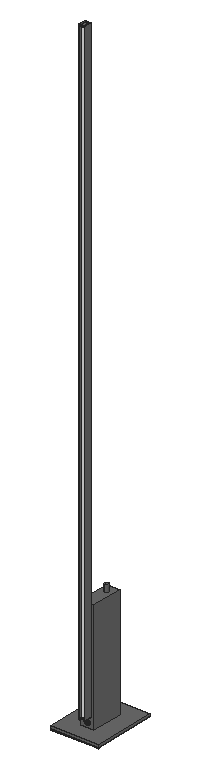
Revit family "ARKOSLIGHT_Standup", category Lighting Fixtures, Revit 2019
Family settings
  Round Connector Dimension = Use Diameter
  Part Type = Normal
  OmniClass Number = 23.80.70.00
  OmniClass Title = Lighting
  Work Plane-Based = No
  Always vertical = Yes
  Cut with Voids When Loaded = No
  Light Source = No
  Shared = No
  Room Calculation Point = No
Parameters (values of type "A4940000NT - STANDUP 2700K NT")
  URL = "https://www.arkoslight.com/en/product/standup-es/"
  Type Comments = ""
  Model = "ARKOSLIGHT_Model"  # constant formula
  Manufacturer = "ARKOSLIGHT"  # constant formula
  IES = IES : A4940000NT - STANDUP 2700K NT
  Apparent Load = ARKOSLIGHT_Apparent Load  # 27 VA
  ARKOSLIGHT_Wattage = 33.75 W
  ARKOSLIGHT_Series = "STANDUP"  # constant formula
  ARKOSLIGHT_Reference = "A4940000NT"
  ARKOSLIGHT_Model = "STANDUP"  # constant formula
  ARKOSLIGHT_Luminous flux = 4210 lm
  ARKOSLIGHT_IP = "20"
  ARKOSLIGHT_IES = "A4940000 NT STANDUP 2700K.ies"
  ARKOSLIGHT_Fixture Type = "WALL, FLOOR & PORTABLE"  # constant formula
  ARKOSLIGHT_Efficiency = "66%"
  ARKOSLIGHT_Dimming = "ON BOARD"
  ARKOSLIGHT_Color = "Textured Black"
  ARKOSLIGHT_CRI = "CRI>90"
  ARKOSLIGHT_CCT = 2700 K
  ARKOSLIGHT_Body Color = ARKOSLIGHT_Textured black
  ARKOSLIGHT_Beam Angle = 105.00°
  ARKOSLIGHT_Apparent Load = 27 VA
Types (4, lengths in mm): name | IES | ARKOSLIGHT_Reference | ARKOSLIGHT_Luminous flux | ARKOSLIGHT_IES | ARKOSLIGHT_Color | ARKOSLIGHT_CCT | ARKOSLIGHT_Body Color
  A4940000NT - STANDUP 2700K NT | IES : A4940000NT - STANDUP 2700K NT | "A4940000NT" | 4210 lm | "A4940000 NT STANDUP 2700K.ies" | "Textured Black" | 2700 K | ARKOSLIGHT_Textured black
  A4940000WT - STANDUP 2700K WT | IES : A4940000WT - STANDUP 2700K WT | "A4940000WT" | 4210 lm | "A4940000 WT STANDUP 2700K.ies" | "Textured White" | 2700 K | ARKOSLIGHT_Textured white
  A4940001NT - STANDUP 3000K NT | IES : A4940001NT - STANDUP 3000K NT | "A4940001NT" | 4320 lm | "A4940001 NT STANDUP 3000K.ies" | "Textured Black" | 3000 K | ARKOSLIGHT_Textured black
  A4940001WT - STANDUP 3000K WT | IES : A4940001WT - STANDUP 3000K WT | "A4940001WT" | 4320 lm | "A4940001 WT STANDUP 3000K.ies" | "Textured White" | 3000 K | ARKOSLIGHT_Textured white
Reference planes
  plane 1: y = 0
  plane 2: z = 0
  plane 3: x = 0
  plane 4 "Light Source Elevation": z = 1.999
  plane 5: x = 75
  plane 6: x = -75
  plane 7: y = 99.995
  plane 8: y = -99.995
  plane 9: z = 12.014
  plane 10: z = 1989.999
Forms (mm)
  Extrusion 1, solid, material "ARKOSLIGHT_Textured black" <- "ARKOSLIGHT_Body Color"
    sketch origin (0, 0, 1.999) x (0, -1, 0) y (-1, 0, 0)
      loop
        line (-99.995, 75) -> (-99.995, -75) -> (99.995, -75) -> (99.995, 75) -> (-99.995, 75)
    from 0 to -10.015
  Extrusion 2, solid, material "ARKOSLIGHT_Matt black"
    sketch origin (0, 0, 0) x (1, 0, 0) y (0, 1, 0)
      loop
        line (71.5, 97.495) -> (-71.534, 97.495)
        arc (-71.534, 97.495) -> (-72.217, 97.212) -> (-72.5, 96.529) r 0.966
        line (-72.5, 96.529) -> (-72.5, -96.495)
        arc (-72.5, -96.495) -> (-72.207, -97.202) -> (-71.5, -97.495) r 1
        line (-71.5, -97.495) -> (71.5, -97.495)
        arc (71.5, -97.495) -> (72.207, -97.202) -> (72.5, -96.495) r 1
        line (72.5, -96.495) -> (72.5, 96.495)
        arc (72.5, 96.495) -> (72.207, 97.202) -> (71.5, 97.495) r 1
    from 0 to 1.999
  Sweep 3, void
    path origin (0, 0, 1.999) x (0, -1, 0) y (1, 0, 0)
      loop
        line (-99.995, 75) -> (-99.995, -75) -> (99.995, -75) -> (99.995, 75) -> (-99.995, 75)
    profile origin (75, 0, 1.999) x (1, 0, 0) y (0, 0, 1)
      loop
        line (0, 0.8) -> (-0.88, 0) -> (0, 0) -> (0, 0.8)
  Extrusion 4, solid, material "ARKOSLIGHT_Textured black" <- "ARKOSLIGHT_Body Color"
    sketch origin (-42.823, -5000, 12.014) x (0, -1, 0) y (-1, 0, 0)
      loop
        line (-5050, -22.823) -> (-5050, -62.823) -> (-4950, -62.823) -> (-4950, -22.823) -> (-5050, -22.823)
    from 0 to -349.986
  Extrusion 5, solid, material "ARKOSLIGHT_Textured black" <- "ARKOSLIGHT_Body Color"
    sketch origin (-42.823, -5000, 362) x (0, -1, 0) y (1, 0, 0)
      loop
        circle (-5024.975, 42.823) r 6.1
    from 0 to 20.399
  Sweep 6, void
    path origin (-42.823, -5000, 382.399) x (0, -1, 0) y (1, 0, 0)
      loop
        circle (-5024.975, 42.823) r 6.1
    profile origin (6.1, 24.975, 382.399) x (-1, 0, 0) y (0, 0, 1)
      loop
        line (0, 0.227) -> (0, -0.554) -> (0.781, 0.227) -> (0, 0.227)
  Extrusion 7, solid, material "ARKOSLIGHT_Textured black" <- "ARKOSLIGHT_Body Color"
    sketch origin (-19.495, -50, 12.014) x (1, 0, 0) y (0, 0, 1)
      loop
        circle (19.495, 14.897) r 7.3
      loop
        circle (19.495, 14.897) r 3.664
    from 0 to 1.005
  Extrusion 8, void
    sketch origin (-19.495, -50, 12.014) x (1, 0, 0) y (0, 0, 1)
      loop
        circle (19.495, 14.897) r 3.664
    from 0 to -7.7
  Extrusion 9, solid, material "ARKOSLIGHT_Textured black" <- "ARKOSLIGHT_Body Color"
    sketch origin (-1.14, -5000, 1989.999) x (-1, 0, 0) y (0, -1, 0)
      loop
        line (7.86, -4928.997) -> (5.589, -4928.997) -> (5.589, -4947.562) -> (-7.912, -4947.562) -> (-7.912, -4928.997) -> (-10.14, -4928.997) -> (-10.14, -4950.002) -> (7.86, -4950.002) -> (7.86, -4928.997)
    from 0 to -1
  Extrusion 10, solid, material "ARKOSLIGHT_Textured black" <- "ARKOSLIGHT_Body Color"
    sketch origin (9, -49.998, 1989.999) x (-1, 0, 0) y (0, 0, 1)
      loop
        line (16, -5) -> (16, 0) -> (15.205, 0) -> (15.1, -3) -> (2.9, -3) -> (2.795, 0) -> (2, 0) -> (2, -5) -> (16, -5)
    from -21.005 to -2.002
  Extrusion 11, solid, material "ARKOSLIGHT_Textured black" <- "ARKOSLIGHT_Body Color"
    sketch origin (9, -52, 1989.999) x (-1, 0, 0) y (0, 0, 1)
      loop
        line (2, -1) -> (0, -1) -> (0, -1946.998) -> (2, -1946.998) -> (2, -1)
    from 0 to -19.003
  Extrusion 12, solid, material "ARKOSLIGHT_Textured black" <- "ARKOSLIGHT_Body Color"
    sketch origin (-9, -52, 1989.999) x (1, 0, 0) y (0, 0, -1)
      loop
        line (2, 1) -> (2, 1946.998) -> (0, 1946.998) -> (0, 1) -> (2, 1)
    from 0 to -19.003
  Extrusion 13, solid, material "ARKOSLIGHT_Textured black" <- "ARKOSLIGHT_Body Color"
    sketch origin (-1.14, -5000, 42.001) x (0, 1, 0) y (1, 0, 0)
      loop
        line (4928.995, -7.86) -> (4950, -7.86) -> (4950, 10.14) -> (4928.995, 10.14) -> (4928.995, 7.912) -> (4947.705, 7.912) -> (4947.705, -5.589) -> (4928.995, -5.589) -> (4928.995, -7.86)
    from 0 to -1
  Extrusion 14, solid, material "ARKOSLIGHT_Textured black" <- "ARKOSLIGHT_Body Color"
    sketch origin (9, -50, 42.001) x (-1, 0, 0) y (0, 0, 1)
      loop
        line (16, 5) -> (2, 5) -> (2, 0) -> (2.795, 0) -> (2.9, 3) -> (15.1, 3) -> (15.205, 0) -> (16, 0) -> (16, 5)
    from -21.005 to 0.002
  Extrusion 15, solid, material "ARKOSLIGHT_Textured black" <- "ARKOSLIGHT_Body Color"
    sketch origin (-1.14, -5000, 1988.999) x (0, -1, 0) y (-1, 0, 0)
      loop
        line (-4950, 7.86) -> (-4950, -10.14) -> (-4947.562, -10.14) -> (-4947.562, 7.86) -> (-4950, 7.86)
    from 0 to 1945.998
  Extrusion 16, solid, material "ARKOSLIGHT_Textured black" <- "ARKOSLIGHT_Body Color"
    sketch origin (0, 0, 0) x (0, 1, 0) y (0, 0, 1)
      loop
        line (-52, 1989.999) -> (-52.869, 1989.999) -> (-53.055, 1986.999) -> (-52, 1986.999) -> (-52, 1989.999)
    from -7 to 7
  Extrusion 17, solid, material "ARKOSLIGHT_Textured black" <- "ARKOSLIGHT_Body Color"
    sketch origin (0, 0, 2032) x (0, 1, 0) y (0, 0, 1)
      loop
        line (-52, -1989.999) -> (-52, -1986.999) -> (-53.055, -1986.999) -> (-52.869, -1989.999) -> (-52, -1989.999)
    from -7 to 7
  Extrusion 18, solid, material "ARKOSLIGHT_Light"
    sketch origin (0, 0, 0) x (1, 0, 0) y (0, 0, 1)
      loop
        line (-7, 1984.999) -> (-7, 47.001) -> (7, 47.001) -> (7, 1984.999) -> (-7, 1984.999)
    from 52.438 to 67.012
Cuts and joins
  Sweep 3 cuts Extrusion 1
  Sweep 6 cuts Extrusion 5
  Extrusion 8 cuts Extrusion 4
  joined: Extrusion 4, Extrusion 7
  joined: Extrusion 9, Extrusion 10, Extrusion 16
  joined: Extrusion 13, Extrusion 14, Extrusion 17
  joined: Extrusion 11, Extrusion 12, Extrusion 15
Dimensions and locks
  equal spacing: Extrusion 1 sketch curve, plane 3, Extrusion 1 sketch curve
  equal spacing: Extrusion 1 sketch curve, plane 1, Extrusion 1 sketch curve
  equal spacing: plane 6, plane 3, plane 5
  locked: plane 6 to plane 5 at 150
  equal spacing: plane 7, plane 1, plane 8
  locked: plane 7 to plane 8 at 199.99
  locked: plane 10 to plane 2 at 1989.999
  equal spacing: Extrusion 9 sketch curve, plane 3, Extrusion 9 sketch curve
  Extrusion 9 sketch curve to Extrusion 9 sketch curve = 18 mm
  Extrusion 13 sketch curve to Extrusion 13 sketch curve = 18 mm  (x2)
  aligned and locked: level to plane 2
  aligned and locked: Extrusion 1 to plane 9
  aligned and locked: Extrusion 2 to plane 4 "Light Source Elevation"
  aligned and locked: plane 5 to Sweep 3 sketch curve
  aligned and locked: plane 7 to Sweep 3 sketch curve
  aligned and locked: Sweep 3 sketch curve to plane 6
  aligned and locked: plane 8 to Sweep 3 sketch curve
  aligned and locked: profile plane to Sweep 3 sketch curve  (x2)
  aligned and locked: plane 3 to Extrusion 5 sketch curve
  aligned and locked: Sweep 6 sketch curve to Extrusion 5
Automatic sketch dimensions
  Extrusion 1 sketch curve to plane 5 = 0 mm
  Extrusion 1 sketch curve to plane 7 = 0 mm
  Extrusion 2 sketch curve to plane 6 = 2.5 mm
  Extrusion 2 sketch curve to Extrusion 2 sketch curve = 0.966 mm
  Extrusion 2 sketch curve to Extrusion 2 sketch curve = 1 mm  (x2)
  Extrusion 2 sketch curve to plane 5 = 3.5 mm  (x2)
  plane 8 to Extrusion 2 sketch curve = 2.5 mm
  Extrusion 2 sketch curve to plane 7 = 3.5 mm
  profile plane to Sweep 3 sketch curve = 0 mm
  Sweep 3 sketch curve to Sweep 3 sketch curve = 0.88 mm
  Sweep 3 sketch curve to plane 4 "Light Source Elevation" = 0.8 mm
  plane 3 to Extrusion 4 sketch curve = 20 mm
  Extrusion 4 sketch curve to plane 7 = 49.995 mm
  plane 8 to Extrusion 4 sketch curve = 49.995 mm
  Extrusion 4 sketch curve to plane 3 = 20 mm
  Extrusion 5 sketch curve to Extrusion 4 = 25.025 mm
  Sweep 6 sketch curve to profile plane = 0 mm
  profile plane to Sweep 6 sketch curve = 0.227 mm
  Sweep 6 sketch curve to Sweep 6 sketch curve = 0.781 mm
  Sweep 6 sketch curve to profile plane = 0.554 mm
  Extrusion 7 sketch curve to Extrusion 7 sketch curve = 0 mm  (x2)
  Extrusion 4 to Extrusion 7 sketch curve = 20 mm
  Extrusion 4 to Extrusion 7 sketch curve = 14.897 mm
  Extrusion 4 to Extrusion 8 sketch curve = 20 mm
  Extrusion 4 to Extrusion 8 sketch curve = 14.897 mm
  Extrusion 9 sketch curve to Extrusion 9 sketch curve = 2.228 mm
  Extrusion 9 sketch curve to Extrusion 9 sketch curve = 2.271 mm
  plane 8 to Extrusion 9 sketch curve = 49.997 mm
  Extrusion 9 sketch curve to Extrusion 9 sketch curve = 2.439 mm
  Extrusion 9 sketch curve to Extrusion 9 sketch curve = 18.566 mm
  Extrusion 9 sketch curve to Extrusion 9 sketch curve = 0 mm
  Extrusion 10 sketch curve to Extrusion 9 = 0 mm  (x2)
  Extrusion 9 to Extrusion 10 sketch curve = 2 mm
  Extrusion 10 sketch curve to Extrusion 10 sketch curve = 0.795 mm  (x2)
  Extrusion 10 sketch curve to Extrusion 10 sketch curve = 0.9 mm
  Extrusion 10 sketch curve to Extrusion 9 = 2.9 mm
  Extrusion 10 sketch curve to Extrusion 9 = 2.795 mm
  Extrusion 10 sketch curve to Extrusion 9 = 2 mm
  Extrusion 10 sketch curve to Extrusion 10 sketch curve = 2 mm
  Extrusion 11 sketch curve to Extrusion 10 = 0 mm
  Extrusion 10 to Extrusion 11 sketch curve = 2 mm
  Extrusion 10 to Extrusion 11 sketch curve = 1941.998 mm
  Extrusion 11 sketch curve to Extrusion 10 = 1 mm
  Extrusion 12 sketch curve to Extrusion 10 = 0 mm
  Extrusion 12 sketch curve to Extrusion 12 sketch curve = 2 mm
  Extrusion 12 sketch curve to Extrusion 10 = 1 mm
  Extrusion 10 to Extrusion 12 sketch curve = 1941.998 mm
  Extrusion 14 sketch curve to Extrusion 13 = 0 mm  (x2)
  Extrusion 13 to Extrusion 14 sketch curve = 2 mm
  Extrusion 14 sketch curve to Extrusion 14 sketch curve = 0.795 mm  (x2)
  Extrusion 14 sketch curve to Extrusion 14 sketch curve = 0.9 mm
  Extrusion 14 sketch curve to Extrusion 13 = 2.9 mm
  Extrusion 14 sketch curve to Extrusion 13 = 2.795 mm
  Extrusion 14 sketch curve to Extrusion 13 = 2 mm
  Extrusion 14 sketch curve to Extrusion 14 sketch curve = 2 mm
  Extrusion 15 sketch curve to Extrusion 9 = 0 mm  (x3)
  Extrusion 9 to Extrusion 15 sketch curve = 0.002 mm
  Extrusion 16 sketch curve to plane 10 = 0 mm
  Extrusion 16 sketch curve to plane 10 = 3 mm
  plane 8 to Extrusion 16 sketch curve = 46.94 mm
  Extrusion 16 sketch curve to Extrusion 16 sketch curve = 0.186 mm
  Extrusion 16 sketch curve to Extrusion 16 sketch curve = 1.055 mm
  plane 8 to Extrusion 17 sketch curve = 46.94 mm
  Extrusion 17 sketch curve to Extrusion 17 sketch curve = 0.186 mm
  Extrusion 17 sketch curve to Extrusion 17 sketch curve = 1.055 mm
  Extrusion 17 sketch curve to plane 10 = 1947.998 mm
  Extrusion 17 sketch curve to Extrusion 17 sketch curve = 3 mm
  Extrusion 13 sketch curve to plane 3 = 9 mm
  plane 8 to Extrusion 13 sketch curve = 28.99 mm
  Extrusion 13 sketch curve to Extrusion 13 sketch curve = 0 mm
  plane 3 to Extrusion 13 sketch curve = 6.772 mm
  Extrusion 13 sketch curve to Extrusion 13 sketch curve = 18.71 mm
  Extrusion 13 sketch curve to Extrusion 13 sketch curve = 2.295 mm
  Extrusion 13 sketch curve to Extrusion 13 sketch curve = 2.271 mm
  Extrusion 18 sketch curve to plane 3 = 7 mm
  plane 3 to Extrusion 18 sketch curve = 7 mm
  Extrusion 18 sketch curve to plane 9 = 34.987 mm
  Extrusion 18 sketch curve to plane 10 = 5 mm
  radius of Extrusion 5 sketch curve = 6.1 mm
  radius of Extrusion 7 sketch curve = 7.3 mm
  radius of Extrusion 7 sketch curve = 3.664 mm
  radius of Extrusion 8 sketch curve = 3.664 mm
Nested families
  nested 1: "IES" at (9, -71.003, 1015.998) x (0, 0, 1) z (0, -1, 0), type <- "IES", type "A4940000NT - STANDUP 2700K NT"
Connectors
  electrical at (0, 0, 0), driven by "Apparent Load"
    settings: index 1, voltage 230 V, apparent load 0 VA, apparent load phase1 27 VA, apparent load phase2 0 VA, apparent load phase3 0 VA, power factor 1, load classification "Lighting", number of poles 1, system type 31, power factor state 1, is connector primary yes, connector utility no, sub classification motor no, connector description ""
Definition of nested family "IES"
  Parameters (values of type "A4940001NT - STANDUP 3000K NT")
    Wattage = 33.75 W
    built-in parameter 1150110 = 1 (stored number, unit not read)
    URL = "https://www.arkoslight.com/en/product/standup-es/"
    Type Comments = ""
    built-in parameter 1114217 = 1 (stored number, unit not read)
    built-in parameter 1150109 = 1 (stored number, unit not read)
    built-in parameter 1150134 = 3
    built-in parameter 1150113 = 1 (stored number, unit not read)
    Model = "ARKOSLIGHT_Model"  # constant formula
    Manufacturer = "ARKOSLIGHT"  # constant formula
    built-in parameter 1150105 = 1595.8 (stored number, unit not read)
    Lumens = 5013.29 lm
    built-in parameter 1150115 = 1 (stored number, unit not read)
    Light Source Symbol Size = 50 mm  # constant formula
    built-in parameter 1150137 = (empty or 0)
    built-in parameter 1150139 = (empty or 0)
    built-in parameter 1150112 = 1 (stored number, unit not read)
    built-in parameter 1150114 = 1 (stored number, unit not read)
    built-in parameter 1150132 = (empty or 0)
    built-in parameter 1150102 = (empty or 0)
    built-in parameter 1150107 = 3000 (stored number, unit not read)
    built-in parameter 1150138 = (empty or 0)
    built-in parameter 1150106 = 15.958 (stored number, unit not read)
    Emit from Rectangle Width = 14 mm  # constant formula
    Emit from Rectangle Length = 1938 mm  # constant formula
    Emit Shape Visible in Rendering = no
    built-in parameter 1150104 = 13.8 (stored number, unit not read)
    Dimming Lamp Color Temperature Shift = (empty or 0)
    Default Elevation = 1219.2 mm
    Color Filter = 16777215
    built-in parameter 1114218 = 1 (stored number, unit not read)
    built-in parameter 1150133 = 10 (stored number, unit not read)
    Apparent Load = ARKOSLIGHT_Apparent Load  # 27 VA
    ARKOSLIGHT_Wattage = 33.75 W
    ARKOSLIGHT_Series = "STANDUP"  # constant formula
    ARKOSLIGHT_Reference = "A4940001NT"
    ARKOSLIGHT_Model = "STANDUP"  # constant formula
    ARKOSLIGHT_Luminous flux = 4320 lm
    ARKOSLIGHT_IP = "20"
    ARKOSLIGHT_IES = "A4940001 NT STANDUP 3000K.ies"
    ARKOSLIGHT_Fixture Type = "WALL, FLOOR & PORTABLE"  # constant formula
    ARKOSLIGHT_Efficiency = "66%"
    ARKOSLIGHT_Dimming = "ON BOARD"
    ARKOSLIGHT_Color = "Textured Black"
    ARKOSLIGHT_CRI = "CRI>90"
    ARKOSLIGHT_CCT = 3000 K
    ARKOSLIGHT_Body Color = none
    ARKOSLIGHT_Beam Angle = 105.00°
    ARKOSLIGHT_Apparent Load = 27 VA
  Types (4, lengths in mm): name | built-in parameter 1150107 | ARKOSLIGHT_Reference | ARKOSLIGHT_Luminous flux | ARKOSLIGHT_IES | ARKOSLIGHT_Color | ARKOSLIGHT_CCT
    A4940000NT - STANDUP 2700K NT | 2700 (stored number, unit not read) | "A4940000NT" | 4210 lm | "A4940000 NT STANDUP 2700K.ies" | "Textured Black" | 2700 K
    A4940000WT - STANDUP 2700K WT | 2700 (stored number, unit not read) | "A4940000WT" | 4210 lm | "A4940000 WT STANDUP 2700K.ies" | "Textured White" | 2700 K
    A4940001NT - STANDUP 3000K NT | 3000 (stored number, unit not read) | "A4940001NT" | 4320 lm | "A4940001 NT STANDUP 3000K.ies" | "Textured Black" | 3000 K
    A4940001WT - STANDUP 3000K WT | 3000 (stored number, unit not read) | "A4940001WT" | 4320 lm | "A4940001 WT STANDUP 3000K.ies" | "Textured White" | 3000 K
  Reference planes
    plane 1: y = 0
    plane 2: z = 0
    plane 3: x = 0
    plane 4: z = 0
  Dimensions and locks
    aligned and locked: level to plane 2
